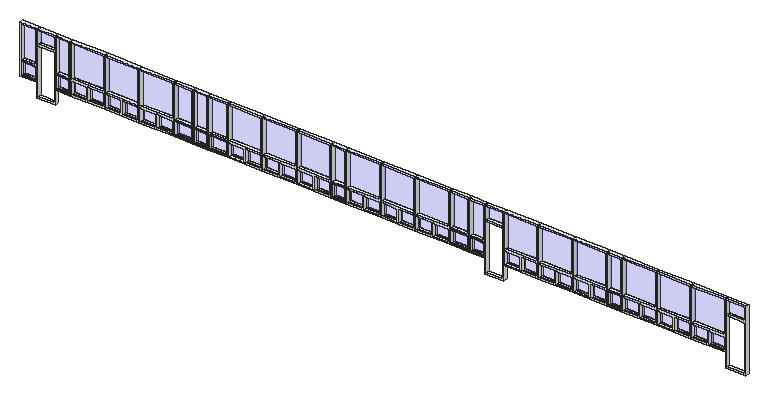
Revit family
Parameters
  창 두께 = 150 mm
  창 패널 = AW26 창 패널
  창 프레임 = AW26 창 프레임
  길이 2 = 기본 씰 높이 + Height  # 2700 mm
  길이 1 = (Width - 9050 mm) / 15  # 1500 mm
  Height = 2100 mm
  절반 창 두께 = 창 두께 / 2  # 75 mm
  기본 씰 높이 = 600 mm
  Wall Closure = (empty or 0)
  Width = 31550 mm
Reference planes
  plane 1: y = 0
  plane 2 "중심(왼쪽/오른쪽)": x = 0
  plane 3 "왼쪽": x = -15775
  plane 4 "오른쪽": x = 15775
  plane 5 "씰": z = 600
  plane 6 "헤드": z = 2700
  plane 7 "외부": y = 100
  plane 8 "내부": y = -100
  plane 9: y = -75
  plane 10: y = 75
  plane 11: y = 66
  plane 12: y = 44
  plane 13: y = 35
  plane 14: x = 10400
  plane 15: x = 9750
  plane 16: x = 8250
  plane 17: x = 6750
  plane 18: x = 5250
  plane 19: x = 4450
  plane 20: x = 3750
  plane 21: x = 2900
  plane 22: x = 1400
  plane 23: x = -100
  plane 24: x = -1600
  plane 25: x = -2250
  plane 26: x = -3750
  plane 27: x = -5250
  plane 28: x = -6750
  plane 29: x = -7600
  plane 30: x = -8250
  plane 31: x = -9100
  plane 32: x = -10600
  plane 33: x = -12100
  plane 34: x = -13600
  plane 35: x = -14250
  plane 36: z = 1200
  plane 37: z = 1245
  plane 38: z = 1190
  plane 39: z = 2655
  plane 40: x = 15730
  plane 41: x = -15730
  plane 42: x = 6750
  plane 43: x = -15050
  plane 44: x = 11900
  plane 45: z = 2100
  plane 46: z = 2055
  plane 47: x = 13400
  plane 48: x = 14950
  plane 49: x = 11150
  plane 50: x = 12650
  plane 51: x = 14175
  plane 52: z = 0
Lines and regions (mm)
  symbolic lines, style "입면도 스윙"
    curve 1: line (11900, 35, 2700) -> (10445, 35, 1922.5)
    curve 2: line (10445, 35, 1922.5) -> (11900, 35, 1190)
Text (mm)
  text "외부" at (-1963.203, 1332.353, 0), in view "참조 레벨"
  text "내부" at (-1981.466, -818.386, 0), in view "참조 레벨"
  text "외부" at (0, 923.751, 2943.296), in view "오른쪽"
  text "외부" at (0, 1040.484, 2685.409), in view "왼쪽"
Dimensions and locks
  equal spacing: plane 3 "왼쪽", plane 2 "중심(왼쪽/오른쪽)", plane 4 "오른쪽"
  "Width": plane 3 "왼쪽" to plane 4 "오른쪽"
  "Height": plane 5 "씰" to plane 6 "헤드"
  "기본 씰 높이": plane 5 "씰" to level
  locked: plane 7 "외부" to host wall at 0
  locked: plane 8 "내부" to host wall
  plane 10 to plane 11 to plane 12 to plane 13 = 9 mm locked, 22 mm locked, 9 mm locked
  locked: plane 15 to plane 14 at 650
  locked: plane 16 to plane 15 at 1500
  locked: plane 17 to plane 16 at 1500
  locked: plane 18 to plane 17 at 1500
  plane 19 to plane 18 = 800 mm
  plane 20 to plane 19 = 700 mm
  locked: plane 21 to plane 20 at 850
  locked: plane 22 to plane 21 at 1500
  locked: plane 23 to plane 22 at 1500
  locked: plane 24 to plane 23 at 1500
  locked: plane 25 to plane 24 at 650
  locked: plane 26 to plane 25 at 1500
  locked: plane 27 to plane 26 at 1500
  locked: plane 28 to plane 27 at 1500
  locked: plane 29 to plane 28 at 850
  locked: plane 30 to plane 29 at 650
  locked: plane 31 to plane 30 at 850
  locked: plane 32 to plane 31 at 1500
  locked: plane 33 to plane 32 at 1500
  locked: plane 34 to plane 33 at 1500
  locked: plane 35 to plane 34 at 650
  host wall to plane 6 "헤드" = 300 mm
  locked: plane 5 "씰" to plane 36 at 600
  plane 38 to plane 36 to plane 37 = 10 mm locked, 45 mm locked
  locked: plane 40 to plane 4 "오른쪽" at 45
  locked: plane 3 "왼쪽" to plane 41 at 45
  locked: plane 39 to plane 6 "헤드" at 45
  plane 46 to plane 45 to plane 6 "헤드" = 45 mm locked, 600 mm locked
  plane 3 "왼쪽" to plane 43 = 725 mm
  plane 43 to plane 35 = 800 mm
  plane 14 to plane 44 = 1500 mm
  plane 44 to plane 47 = 1500 mm
  plane 47 to plane 48 = 1550 mm
  plane 48 to plane 4 "오른쪽" = 825 mm
  equal spacing: plane 14, plane 49, plane 44
  equal spacing: plane 44, plane 50, plane 47
  equal spacing: plane 47, plane 51, plane 48
  "절반 창 두께": plane 10 to plane 1
  "절반 창 두께": plane 1 to plane 9
  locked: nested 3 to nested 7 at 2350
  locked: nested 22 to nested 19 at 2350
  equal spacing: nested 10, curve 2, nested 10
  aligned and locked: plane 42 to plane 17
  aligned and locked: plane 23 to nested 1
  aligned and locked: plane 5 "씰" to nested 1  (x2)
  aligned and locked: nested 2 to nested 1
  aligned and locked: plane 5 "씰" to nested 3
  aligned and locked: nested 2 to nested 3
  aligned and locked: plane 5 "씰" to nested 4
  aligned and locked: nested 4 to nested 3
  aligned and locked: nested 1 to nested 5
  aligned and locked: plane 52 to level
  aligned and locked: nested 6 to plane 52
  aligned and locked: nested 6 to nested 4
  aligned and locked: plane 5 "씰" to nested 7
  aligned and locked: plane 5 "씰" to nested 5
  aligned and locked: plane 5 "씰" to nested 8
  aligned and locked: nested 7 to nested 8
  aligned and locked: nested 9 to nested 8
  aligned and locked: plane 5 "씰" to nested 10
  aligned and locked: plane 5 "씰" to nested 11
  aligned and locked: nested 9 to nested 11
  aligned and locked: nested 10 to nested 11
  aligned and locked: plane 5 "씰" to nested 12
  aligned and locked: nested 10 to nested 12
  aligned and locked: plane 5 "씰" to nested 13
  aligned and locked: nested 12 to nested 13
  aligned and locked: nested 14 to plane 52
  aligned and locked: nested 14 to nested 13
  aligned and locked: plane 5 "씰" to nested 15
  aligned and locked: nested 15 to nested 5
  aligned and locked: plane 5 "씰" to nested 16
  aligned and locked: nested 16 to nested 15
  aligned and locked: plane 5 "씰" to nested 17
  aligned and locked: nested 16 to nested 17
  aligned and locked: plane 5 "씰" to nested 18
  aligned and locked: nested 17 to nested 18
  aligned and locked: plane 5 "씰" to nested 19
  aligned and locked: plane 5 "씰" to nested 20
  aligned and locked: nested 20 to nested 19
  aligned and locked: plane 5 "씰" to nested 21
  aligned and locked: nested 21 to nested 20
  aligned and locked: plane 5 "씰" to nested 22
  aligned and locked: nested 19 to nested 18
  aligned and locked: nested 23 to nested 22
  aligned and locked: plane 5 "씰" to nested 24
  aligned and locked: nested 23 to nested 24
  aligned and locked: plane 5 "씰" to nested 25
  aligned and locked: nested 25 to nested 24
  aligned and locked: nested 26 to plane 52
  aligned and locked: nested 26 to nested 25
  aligned and locked: plane 5 "씰" to nested 27
  aligned and locked: nested 26 to nested 27
  aligned and locked: plane 5 "씰" to nested 9
  aligned and locked: plane 5 "씰" to nested 2
  aligned and locked: plane 5 "씰" to nested 23
  aligned and locked: nested 12 to curve 1
  aligned and locked: curve 1 to nested 10
  aligned and locked: nested 12 to curve 2
  aligned and locked: plane 38 to curve 2
  aligned and locked: nested 10 to curve 1
Nested families
  nested 1: "AW9 2" at (650, 0, 0), type "1500"
  nested 2: "AW9 2" at (2150, 0, 0), type "1500"
  nested 3: "창 고정 단위" at (3325, 0, 0), type "850"
  nested 4: "창 고정 단위" at (4100, 0, 0), type "700"
  nested 5: "AW9 2" at (-850, 0, 0), type "1500"
  nested 6: "문 프레임" at (4850, 0, -600), type "800"
  nested 7: "AW9 2" at (6000, 0, 0), type "1500"
  nested 8: "AW9 2" at (7500, 0, 0), type "1500"
  nested 9: "AW9 2" at (9000, 0, 0), type "1500"
  nested 10: "AW9 2" at (11150, 0, 0), type "1500"
  nested 11: "창 고정 단위" at (10075, 0, 0), type "650"
  nested 12: "AW9 2" at (12650, 0, 0), type "1500"
  nested 13: "AW9 2" at (14150, 0, 0), type "1500"
  nested 14: "문 프레임" at (15337.5, 0, -600), type "875"
  nested 15: "창 고정 단위" at (-1925, 0, 0), type "650"
  nested 16: "AW9 2" at (-3000, 0, 0), type "1500"
  nested 17: "AW9 2" at (-4500, 0, 0), type "1500"
  nested 18: "AW9 2" at (-6000, 0, 0), type "1500"
  nested 19: "창 고정 단위" at (-7175, 0, 0), type "850"
  nested 20: "창 고정 단위" at (-7925, 0, 0), type "650"
  nested 21: "창 고정 단위" at (-8675, 0, 0), type "850"
  nested 22: "AW9 2" at (-9850, 0, 0), type "1500"
  nested 23: "AW9 2" at (-11350, 0, 0), type "1500"
  nested 24: "AW9 2" at (-12850, 0, 0), type "1500"
  nested 25: "창 고정 단위" at (-13925, 0, 0), type "650"
  nested 26: "문 프레임" at (-14650, 0, -600), type "800"
  nested 27: "창 고정 단위" at (-15412.5, 0, 0), type "725"
Definition of nested family "AW9 2"
  Parameters (values of type "AW9")
    창 두께 = 150 mm
    창 패널 = AW26 창 패널
    창 프레임 = AW26 창 프레임
    Height = 2100 mm
    절반 창 두께 = 창 두께 / 2  # 75 mm
    기본 씰 높이 = 600 mm
    Wall Closure = (empty or 0)
    Width = 1500 mm
    Assembly Code = ""
  Types (4, lengths in mm): name | Width
    AW9 | 1500
    AW9 2 | 1600
    AW9 1 | 4500
    1500 | 1500
  Reference planes
    plane 1: y = 0
    plane 2 "중심(왼쪽/오른쪽)": x = 0
    plane 3 "왼쪽": x = -750
    plane 4 "오른쪽": x = 750
    plane 5 "씰": z = 600
    plane 6 "헤드": z = 2700
    plane 7 "외부": y = 100
    plane 8 "내부": y = -100
    plane 9: y = 75
    plane 10: y = -75
    plane 11: y = 35
    plane 12: x = -705
    plane 13: x = 705
    plane 14: x = -695
    plane 15: x = 695
    plane 16: z = 1200
    plane 17: z = 1190
    plane 18: z = 1245
    plane 19: y = 55
    plane 20: y = 66
    plane 21: y = 44
    plane 22: y = -11
    plane 23: y = 11
    plane 24: x = -22.5
    plane 25: x = 22.5
    plane 26: x = -32.5
    plane 27: x = 32.5
    plane 28: z = 2655
    plane 29: z = 645
    plane 30: x = 655
    plane 31: z = 1150
    plane 32: x = -655
    plane 33: z = 685
    plane 34: x = 72.5
    plane 35: x = -72.5
    plane 36: x = 368.75
    plane 37: x = -368.75
  Forms (mm)
    Extrusion 1, solid, material "AW26 창 프레임" <- "창 프레임"
      sketch origin (-2000, 75, 1000) x (-1, 0, 0) y (0, 0, 1)
        loop
          line (-2750, 1700) -> (-2750, -400) -> (-1250, -400) -> (-1250, 1700) -> (-2750, 1700)
        loop
          line (-2705, 1655) -> (-2705, 245) -> (-1295, 245) -> (-1295, 1655) -> (-2705, 1655)
        loop
          line (-2705, -355) -> (-2032.5, -355) -> (-2032.5, 190) -> (-2705, 190) -> (-2705, -355)
        loop
          line (-1295, -355) -> (-1295, 190) -> (-1967.5, 190) -> (-1967.5, -355) -> (-1295, -355)
      from -150 to 0
    Extrusion 2, solid, material "AW26 창 프레임" <- "창 프레임"
      sketch origin (-2000, 75, 1000) x (-1, 0, 0) y (0, 0, 1)
        loop
          line (-2705, 190) -> (-2705, -355) -> (-2032.5, -355) -> (-2032.5, 190) -> (-2705, 190)
        loop
          line (-1967.5, 190) -> (-1967.5, -355) -> (-1295, -355) -> (-1295, 190) -> (-1967.5, 190)
        loop
          line (-2655, 150) -> (-2655, -315) -> (-2072.5, -315) -> (-2072.5, 150) -> (-2655, 150)
        loop
          line (-1927.5, 150) -> (-1927.5, -315) -> (-1345, -315) -> (-1345, 150) -> (-1927.5, 150)
      from -40 to 0
    Extrusion 3, solid, material "AW26 창 패널" <- "창 패널"
      sketch origin (-2000, 75, 1000) x (-1, 0, 0) y (0, 0, 1)
        loop
          line (-2705, 1655) -> (-2705, 245) -> (-1295, 245) -> (-1295, 1655) -> (-2705, 1655)
        loop
          line (-2655, 150) -> (-2655, -315) -> (-2072.5, -315) -> (-2072.5, 150) -> (-2655, 150)
        loop
          line (-1927.5, 150) -> (-1927.5, -315) -> (-1345, -315) -> (-1345, 150) -> (-1927.5, 150)
      from -31 to -9
  Lines and regions (mm)
    Opening 1
      outline origin (3500, -100, 0) x (1, 0, 0) y (0, 0, 1)
        loop
          line (-2750, 600) -> (-2750, 2700) -> (-4250, 2700) -> (-4250, 600) -> (-2750, 600)
    symbolic lines, style "입면도 스윙"
      curve 1: line (368.75, 75, 1190) -> (705, 75, 645)
      curve 2: line (368.75, 75, 1190) -> (32.5, 75, 645)
      curve 3: line (-32.5, 75, 645) -> (-368.75, 75, 1190)
      curve 4: line (-368.75, 75, 1190) -> (-705, 75, 645)
    symbolic lines
      curve 5: line (-750, 75, 0) -> (750, 75, 0)
      curve 6: line (-705, 0, 0) -> (705, 0, 0)
      curve 7: line (-750, -75, 0) -> (750, -75, 0)
      curve 8: line (-705, 75, 0) -> (-705, -75, 0)
      curve 9: line (705, 75, 0) -> (705, -75, 0)
  Text (mm)
    text "외부" at (-1963.203, 1332.353, 0), in view "참조 레벨"
    text "내부" at (-1981.466, -818.386, 0), in view "참조 레벨"
    text "외부" at (0, 923.751, 2943.296), in view "오른쪽"
    text "외부" at (0, 1040.484, 2685.409), in view "왼쪽"
  Dimensions and locks
    equal spacing: plane 3 "왼쪽", plane 2 "중심(왼쪽/오른쪽)", plane 4 "오른쪽"
    "Width": plane 3 "왼쪽" to plane 4 "오른쪽"
    "Height": plane 5 "씰" to plane 6 "헤드"
    locked: plane 7 "외부" to host wall at 0
    locked: plane 8 "내부" to host wall
    plane 17 to plane 16 to plane 18 = 10 mm locked, 45 mm locked
    plane 9 to plane 19 to plane 11 = 20 mm locked, 20 mm locked
    plane 20 to plane 19 to plane 21 = 11 mm locked, 11 mm locked
    plane 23 to host wall to plane 22 = 11 mm locked, 11 mm locked
    plane 3 "왼쪽" to plane 12 to plane 14 = 45 mm locked, 10 mm locked
    plane 15 to plane 13 to plane 4 "오른쪽" = 10 mm locked, 45 mm locked
    plane 24 to plane 2 "중심(왼쪽/오른쪽)" to plane 25 = 22.5 mm locked, 22.5 mm locked
    locked: plane 26 to plane 24 at 10
    locked: plane 25 to plane 27 at 10
    locked: plane 5 "씰" to plane 16 at 600
    "절반 창 두께": plane 9 to plane 1
    "절반 창 두께": plane 10 to plane 1
    "기본 씰 높이": level to plane 5 "씰"
    locked: plane 28 to plane 6 "헤드" at 45
    locked: plane 5 "씰" to plane 29 at 45
    locked: plane 30 to plane 15 at 40
    locked: plane 31 to plane 17 at 40
    locked: plane 14 to plane 32 at 40
    locked: plane 29 to plane 33 at 40
    locked: plane 34 to plane 27 at 40
    locked: plane 26 to plane 35 at 40
    equal spacing: plane 27, plane 36, plane 13
    equal spacing: plane 26, plane 37, plane 12
    aligned and locked: plane 6 "헤드" to Extrusion 1 sketch curve
    aligned and locked: plane 4 "오른쪽" to Extrusion 1 sketch curve
    aligned and locked: Extrusion 1 sketch curve to plane 5 "씰"
    aligned and locked: Extrusion 1 sketch curve to plane 3 "왼쪽"
    aligned and locked: Extrusion 1 sketch curve to plane 28
    aligned and locked: plane 13 to Extrusion 1 sketch curve  (x2)
    aligned and locked: plane 29 to Extrusion 1 sketch curve  (x2)
    aligned and locked: Extrusion 1 sketch curve to plane 12
    aligned and locked: plane 18 to Extrusion 1 sketch curve
    aligned and locked: plane 12 to Extrusion 1 sketch curve
    aligned and locked: plane 17 to Extrusion 1 sketch curve  (x2)
    aligned and locked: plane 27 to Extrusion 1 sketch curve
    aligned and locked: plane 26 to Extrusion 1 sketch curve
    aligned and locked: Extrusion 1 to plane 10
    aligned and locked: plane 9 to Extrusion 1
    aligned and locked: plane 17 to Extrusion 2 sketch curve  (x2)
    aligned and locked: plane 13 to Extrusion 2 sketch curve
    aligned and locked: plane 29 to Extrusion 2 sketch curve  (x2)
    aligned and locked: plane 27 to Extrusion 2 sketch curve
    aligned and locked: Extrusion 2 sketch curve to plane 31  (x2)
    aligned and locked: Extrusion 2 sketch curve to plane 30
    aligned and locked: plane 33 to Extrusion 2 sketch curve  (x2)
    aligned and locked: Extrusion 2 sketch curve to plane 34
    aligned and locked: Extrusion 2 sketch curve to plane 26
    aligned and locked: Extrusion 2 sketch curve to plane 12
    aligned and locked: Extrusion 2 sketch curve to plane 35
    aligned and locked: Extrusion 2 sketch curve to plane 32
    aligned and locked: Extrusion 2 to plane 9
    aligned and locked: Extrusion 2 to plane 11
    aligned and locked: Extrusion 3 sketch curve to plane 28
    aligned and locked: plane 13 to Extrusion 3 sketch curve
    aligned and locked: Extrusion 3 sketch curve to plane 18
    aligned and locked: Extrusion 3 sketch curve to plane 12
    aligned and locked: Extrusion 3 sketch curve to plane 31  (x2)
    aligned and locked: Extrusion 3 sketch curve to plane 30
    aligned and locked: plane 33 to Extrusion 3 sketch curve  (x2)
    aligned and locked: Extrusion 3 sketch curve to plane 34
    aligned and locked: Extrusion 3 sketch curve to plane 35
    aligned and locked: Extrusion 3 sketch curve to plane 32
    aligned and locked: Extrusion 3 to plane 21
    aligned and locked: plane 20 to Extrusion 3
    aligned and locked: plane 36 to curve 1
    aligned and locked: plane 29 to curve 1
    aligned and locked: plane 13 to curve 1
    aligned and locked: plane 17 to curve 2
    aligned and locked: plane 27 to curve 2
    aligned and locked: plane 29 to curve 2
    aligned and locked: plane 17 to curve 3
    aligned and locked: plane 37 to curve 3
    aligned and locked: plane 29 to curve 3
    aligned and locked: plane 26 to curve 3
    aligned and locked: plane 29 to curve 4
    aligned and locked: plane 12 to curve 4
    aligned and locked: plane 3 "왼쪽" to curve 5
    aligned and locked: plane 3 "왼쪽" to curve 7
    aligned and locked: plane 12 to curve 6
    aligned and locked: plane 4 "오른쪽" to curve 5
    aligned and locked: plane 4 "오른쪽" to curve 7
    aligned and locked: plane 13 to curve 6
    aligned and locked: plane 13 to curve 9
    aligned and locked: plane 9 to curve 8
    aligned and locked: plane 10 to curve 8
    aligned and locked: plane 12 to curve 8
    aligned and locked: curve 5 to plane 9
    aligned and locked: curve 7 to plane 10
    aligned and locked: host wall to curve 6
  Automatic sketch dimensions
    Opening 1 sketch curve to plane 3 "왼쪽" = 0 mm
    Opening 1 sketch curve to plane 4 "오른쪽" = 0 mm
    Opening 1 sketch curve to plane 5 "씰" = 0 mm
    Opening 1 sketch curve to plane 6 "헤드" = 0 mm
    Extrusion 1 sketch curve to plane 17 = 0 mm
    Extrusion 1 sketch curve to plane 29 = 0 mm
Definition of nested family "창 고정 단위"
  Parameters (values of type "AW9_1_1")
    창 두께 = 150 mm
    창 패널 = AW26 창 패널
    창 프레임 = AW26 창 프레임
    Height = 2100 mm
    절반 창 두께 = 창 두께 / 2  # 75 mm
    기본 씰 높이 = 600 mm
    Wall Closure = (empty or 0)
    Width = 650 mm
    Assembly Code = ""
  Types (8, lengths in mm): name | Width
    AW9_1_1 | 650
    AW9_3 | 800
    AW9_2 | 850
    AW9_1 | 650
    725 | 725
    650 | 650
    700 | 700
    850 | 850
  Reference planes
    plane 1: y = 0
    plane 2 "중심(왼쪽/오른쪽)": x = 0
    plane 3 "왼쪽": x = -325
    plane 4 "오른쪽": x = 325
    plane 5 "씰": z = 600
    plane 6 "헤드": z = 2700
    plane 7 "외부": y = 100
    plane 8 "내부": y = -100
    plane 9: y = 75
    plane 10: y = -75
    plane 11: y = 35
    plane 12: x = -280
    plane 13: x = 280
    plane 14: x = -270
    plane 15: x = 270
    plane 16: z = 1200
    plane 17: z = 1190
    plane 18: z = 1245
    plane 19: y = 55
    plane 20: y = 66
    plane 21: y = 44
    plane 22: y = -11
    plane 23: y = 11
    plane 24: x = -22.5
    plane 25: x = 22.5
    plane 26: x = -32.5
    plane 27: x = 32.5
    plane 28: z = 2655
    plane 29: z = 645
    plane 30: x = 230
    plane 31: z = 1150
    plane 32: x = -230
    plane 33: z = 685
    plane 34: x = 72.5
    plane 35: x = -72.5
    plane 36: x = 156.25
    plane 37: x = -156.25
    plane 38: z = 655
  Forms (mm)
    Extrusion 1, solid, material "AW26 창 프레임" <- "창 프레임"
      sketch origin (-2000, 75, 1000) x (-1, 0, 0) y (0, 0, 1)
        loop
          line (-2325, 1700) -> (-2325, -400) -> (-1675, -400) -> (-1675, 1700) -> (-2325, 1700)
        loop
          line (-2280, 1655) -> (-2280, 245) -> (-1720, 245) -> (-1720, 1655) -> (-2280, 1655)
        loop
          line (-2280, -355) -> (-1720, -355) -> (-1720, 200) -> (-2280, 200) -> (-2280, -355)
      from -150 to 0
    Extrusion 2, solid, material "AW26 창 패널" <- "창 패널"
      sketch origin (-2000, 75, 1000) x (-1, 0, 0) y (0, 0, 1)
        loop
          line (-2280, 1655) -> (-2280, 245) -> (-1720, 245) -> (-1720, 1655) -> (-2280, 1655)
        loop
          line (-2280, 200) -> (-2280, -355) -> (-1720, -355) -> (-1720, 200) -> (-2280, 200)
      from -31 to -9
    Extrusion 3, solid, material "AW26 창 프레임" <- "창 프레임"
      sketch origin (-2000, 75, 1000) x (-1, 0, 0) y (0, 0, 1)
        loop
          line (-2230, 150) -> (-2230, -315) -> (-1770, -315) -> (-1770, 150) -> (-2230, 150)
        loop
          line (-2280, 200) -> (-2280, -355) -> (-1720, -355) -> (-1720, 200) -> (-2280, 200)
      from -64 to 0
    Extrusion 4, solid, material "AW26 창 프레임" <- "창 프레임"
      sketch origin (-2000, 75, 1000) x (-1, 0, 0) y (0, 0, 1)
        loop
          line (-2280, 200) -> (-2280, -355) -> (-1720, -355) -> (-1720, 200) -> (-2280, 200)
        loop
          line (-2270, 190) -> (-2270, -345) -> (-1730, -345) -> (-1730, 190) -> (-2270, 190)
      from -64 to -150
  Lines and regions (mm)
    Opening 1
      outline origin (3500, -100, 0) x (1, 0, 0) y (0, 0, 1)
        loop
          line (-3175, 600) -> (-3175, 2700) -> (-3825, 2700) -> (-3825, 600) -> (-3175, 600)
    symbolic lines, style "입면도 스윙"
      curve 1: line (0, 75, 1200) -> (280, 75, 645)
      curve 2: line (0, 75, 1200) -> (-280, 75, 645)
    symbolic lines
      curve 3: line (-325, 75, 0) -> (325, 75, 0)
      curve 4: line (-280, 0, 0) -> (280, 0, 0)
      curve 5: line (-325, -75, 0) -> (325, -75, 0)
      curve 6: line (-280, 75, 0) -> (-280, -75, 0)
      curve 7: line (280, 75, 0) -> (280, -75, 0)
  Text (mm)
    text "외부" at (-1963.203, 1332.353, 0), in view "참조 레벨"
    text "내부" at (-1981.466, -818.386, 0), in view "참조 레벨"
    text "외부" at (0, 923.751, 2943.296), in view "오른쪽"
    text "외부" at (0, 1040.484, 2685.409), in view "왼쪽"
  Dimensions and locks
    equal spacing: plane 3 "왼쪽", plane 2 "중심(왼쪽/오른쪽)", plane 4 "오른쪽"
    "Width": plane 3 "왼쪽" to plane 4 "오른쪽"
    "Height": plane 5 "씰" to plane 6 "헤드"
    locked: plane 7 "외부" to host wall at 0
    locked: plane 8 "내부" to host wall
    plane 17 to plane 16 to plane 18 = 10 mm locked, 45 mm locked
    plane 9 to plane 19 to plane 11 = 20 mm locked, 20 mm locked
    plane 20 to plane 19 to plane 21 = 11 mm locked, 11 mm locked
    plane 23 to host wall to plane 22 = 11 mm locked, 11 mm locked
    plane 3 "왼쪽" to plane 12 to plane 14 = 45 mm locked, 10 mm locked
    plane 15 to plane 13 to plane 4 "오른쪽" = 10 mm locked, 45 mm locked
    plane 24 to plane 2 "중심(왼쪽/오른쪽)" to plane 25 = 22.5 mm locked, 22.5 mm locked
    locked: plane 26 to plane 24 at 10
    locked: plane 25 to plane 27 at 10
    locked: plane 5 "씰" to plane 16 at 600
    "절반 창 두께": plane 9 to plane 1
    "절반 창 두께": plane 10 to plane 1
    "기본 씰 높이": level to plane 5 "씰"
    locked: plane 28 to plane 6 "헤드" at 45
    locked: plane 5 "씰" to plane 29 at 45
    locked: plane 30 to plane 15 at 40
    locked: plane 31 to plane 17 at 40
    locked: plane 14 to plane 32 at 40
    locked: plane 29 to plane 33 at 40
    locked: plane 34 to plane 27 at 40
    locked: plane 26 to plane 35 at 40
    equal spacing: plane 27, plane 36, plane 13
    equal spacing: plane 26, plane 37, plane 12
    locked: plane 29 to plane 38 at 10
    aligned and locked: plane 6 "헤드" to Extrusion 1 sketch curve
    aligned and locked: plane 4 "오른쪽" to Extrusion 1 sketch curve
    aligned and locked: Extrusion 1 sketch curve to plane 5 "씰"
    aligned and locked: Extrusion 1 sketch curve to plane 3 "왼쪽"
    aligned and locked: Extrusion 1 sketch curve to plane 28
    aligned and locked: Extrusion 1 sketch curve to plane 12
    aligned and locked: plane 13 to Extrusion 1 sketch curve  (x3)
    aligned and locked: plane 18 to Extrusion 1 sketch curve
    aligned and locked: Extrusion 1 to plane 10
    aligned and locked: plane 9 to Extrusion 1
    aligned and locked: plane 12 to Extrusion 1 sketch curve  (x2)
    aligned and locked: Extrusion 1 sketch curve to plane 29
    aligned and locked: plane 13 to Extrusion 2 sketch curve  (x2)
    aligned and locked: Extrusion 2 sketch curve to plane 28
    aligned and locked: Extrusion 2 sketch curve to plane 12  (x2)
    aligned and locked: Extrusion 2 sketch curve to plane 18
    aligned and locked: plane 29 to Extrusion 2 sketch curve
    aligned and locked: Extrusion 2 to plane 21
    aligned and locked: plane 20 to Extrusion 2
    aligned and locked: plane 33 to Extrusion 3 sketch curve
    aligned and locked: Extrusion 3 sketch curve to plane 32
    aligned and locked: Extrusion 3 sketch curve to plane 31
    aligned and locked: Extrusion 3 sketch curve to plane 30
    aligned and locked: plane 16 to Extrusion 3 sketch curve
    aligned and locked: plane 13 to Extrusion 3 sketch curve
    aligned and locked: plane 29 to Extrusion 3 sketch curve
    aligned and locked: Extrusion 3 sketch curve to plane 12
    aligned and locked: plane 16 to Extrusion 1 sketch curve
    aligned and locked: plane 16 to Extrusion 2 sketch curve
    aligned and locked: Extrusion 3 to plane 23
    aligned and locked: plane 9 to Extrusion 3
    aligned and locked: plane 16 to Extrusion 4 sketch curve
    aligned and locked: plane 13 to Extrusion 4 sketch curve
    aligned and locked: plane 29 to Extrusion 4 sketch curve
    aligned and locked: Extrusion 4 sketch curve to plane 12
    aligned and locked: Extrusion 4 sketch curve to plane 14
    aligned and locked: plane 17 to Extrusion 4 sketch curve
    aligned and locked: plane 15 to Extrusion 4 sketch curve
    aligned and locked: plane 38 to Extrusion 4 sketch curve
    aligned and locked: Extrusion 4 to plane 23
    aligned and locked: Extrusion 4 to plane 10
    aligned and locked: plane 2 "중심(왼쪽/오른쪽)" to curve 1
    aligned and locked: plane 29 to curve 1
    aligned and locked: plane 13 to curve 1
    aligned and locked: plane 16 to curve 2
    aligned and locked: plane 29 to curve 2
    aligned and locked: plane 12 to curve 2
    aligned and locked: plane 9 to curve 6
    aligned and locked: plane 10 to curve 6
    aligned and locked: plane 12 to curve 6
    aligned and locked: plane 13 to curve 7
    aligned and locked: plane 4 "오른쪽" to curve 3
    aligned and locked: plane 3 "왼쪽" to curve 3
    aligned and locked: plane 3 "왼쪽" to curve 5
    aligned and locked: plane 12 to curve 4
    aligned and locked: plane 4 "오른쪽" to curve 5
    aligned and locked: plane 13 to curve 4
    aligned and locked: curve 3 to plane 9
    aligned and locked: curve 5 to plane 10
    aligned and locked: host wall to curve 4
  Automatic sketch dimensions
    Opening 1 sketch curve to plane 3 "왼쪽" = 0 mm
    Opening 1 sketch curve to plane 4 "오른쪽" = 0 mm
    Opening 1 sketch curve to plane 5 "씰" = 0 mm
    Opening 1 sketch curve to plane 6 "헤드" = 0 mm
Definition of nested family "문 프레임"
  Parameters (values of type "AW9-1")
    창 두께 = 150 mm
    창 패널 = AW26 창 패널
    창 프레임 = AW26 창 프레임
    Height = 2700 mm
    절반 창 두께 = 창 두께 / 2  # 75 mm
    기본 씰 높이 = 0 mm
    Wall Closure = (empty or 0)
    Width = 875 mm
    Assembly Code = ""
  Types (3, lengths in mm): name | 기본 씰 높이 | Width
    AW9-1 | 0 | 875
    875 | 600 | 875
    800 | 600 | 800
  Reference planes
    plane 1: y = 0
    plane 2 "중심(왼쪽/오른쪽)": x = 0
    plane 3 "왼쪽": x = -437.5
    plane 4 "오른쪽": x = 437.5
    plane 5 "씰": z = 0
    plane 6 "헤드": z = 2700
    plane 7 "외부": y = 100
    plane 8 "내부": y = -100
    plane 9: y = 75
    plane 10: y = -75
    plane 11: y = 35
    plane 12: x = -392.5
    plane 13: x = 392.5
    plane 14: x = -382.5
    plane 15: x = 382.5
    plane 16: z = 2055
    plane 17: z = 2045
    plane 18: z = 2100
    plane 19: y = 55
    plane 20: y = 66
    plane 21: y = 44
    plane 22: y = -11
    plane 23: y = 11
    plane 24: x = -22.5
    plane 25: x = 22.5
    plane 26: x = -32.5
    plane 27: x = 32.5
    plane 28: z = 2655
    plane 29: z = 45
    plane 30: x = 342.5
    plane 31: z = 2005
    plane 32: x = -342.5
    plane 33: z = 85
    plane 34: x = 72.5
    plane 35: x = -72.5
  Forms (mm)
    Extrusion 1, solid, material "AW26 창 프레임" <- "창 프레임"
      sketch origin (-2000, 75, 1000) x (-1, 0, 0) y (0, 0, 1)
        loop
          line (-2437.5, 1700) -> (-2437.5, -1000) -> (-1562.5, -1000) -> (-1562.5, 1700) -> (-2437.5, 1700)
        loop
          line (-2392.5, 1655) -> (-2392.5, 1100) -> (-1607.5, 1100) -> (-1607.5, 1655) -> (-2392.5, 1655)
        loop
          line (-2392.5, -955) -> (-1607.5, -955) -> (-1607.5, 1055) -> (-2392.5, 1055) -> (-2392.5, -955)
      from -150 to 0
    Extrusion 2, solid, material "AW26 창 패널" <- "창 패널"
      sketch origin (-2000, 75, 1000) x (-1, 0, 0) y (0, 0, 1)
        loop
          line (-2392.5, 1655) -> (-2392.5, 1100) -> (-1607.5, 1100) -> (-1607.5, 1655) -> (-2392.5, 1655)
      from -40 to -9
  Lines and regions (mm)
    Opening 1
      outline origin (3500, -100, 0) x (1, 0, 0) y (0, 0, 1)
        loop
          line (-3062.5, 0) -> (-3062.5, 2700) -> (-3937.5, 2700) -> (-3937.5, 0) -> (-3062.5, 0)
    symbolic lines
      curve 1: line (-437.5, 75, 0) -> (437.5, 75, 0)
      curve 2: line (-437.5, -75, 0) -> (437.5, -75, 0)
      curve 3: line (-437.5, 75, 0) -> (-437.5, -75, 0)
      curve 4: line (437.5, 75, 0) -> (437.5, -75, 0)
  Text (mm)
    text "외부" at (-1963.203, 1332.353, 0), in view "참조 레벨"
    text "내부" at (-1981.466, -818.386, 0), in view "참조 레벨"
    text "외부" at (0, 923.751, 2943.296), in view "오른쪽"
    text "외부" at (0, 1040.484, 2685.409), in view "왼쪽"
  Dimensions and locks
    equal spacing: plane 3 "왼쪽", plane 2 "중심(왼쪽/오른쪽)", plane 4 "오른쪽"
    "Width": plane 3 "왼쪽" to plane 4 "오른쪽"
    "Height": plane 5 "씰" to plane 6 "헤드"
    locked: plane 7 "외부" to host wall at 0
    locked: plane 8 "내부" to host wall
    plane 17 to plane 16 to plane 18 = 10 mm locked, 45 mm locked
    plane 9 to plane 19 to plane 11 = 20 mm locked, 20 mm locked
    plane 20 to plane 19 to plane 21 = 11 mm locked, 11 mm locked
    plane 23 to host wall to plane 22 = 11 mm locked, 11 mm locked
    plane 3 "왼쪽" to plane 12 to plane 14 = 45 mm locked, 10 mm locked
    plane 15 to plane 13 to plane 4 "오른쪽" = 10 mm locked, 45 mm locked
    plane 24 to plane 2 "중심(왼쪽/오른쪽)" to plane 25 = 22.5 mm locked, 22.5 mm locked
    locked: plane 26 to plane 24 at 10
    locked: plane 25 to plane 27 at 10
    "절반 창 두께": plane 9 to plane 1
    "절반 창 두께": plane 10 to plane 1
    "기본 씰 높이": level to plane 5 "씰"
    locked: plane 28 to plane 6 "헤드" at 45
    locked: plane 5 "씰" to plane 29 at 45
    locked: plane 30 to plane 15 at 40
    locked: plane 31 to plane 17 at 40
    locked: plane 14 to plane 32 at 40
    locked: plane 29 to plane 33 at 40
    locked: plane 34 to plane 27 at 40
    locked: plane 26 to plane 35 at 40
    plane 18 to plane 6 "헤드" = 600 mm
    aligned and locked: plane 6 "헤드" to Extrusion 1 sketch curve
    aligned and locked: plane 4 "오른쪽" to Extrusion 1 sketch curve
    aligned and locked: Extrusion 1 sketch curve to plane 5 "씰"
    aligned and locked: Extrusion 1 sketch curve to plane 3 "왼쪽"
    aligned and locked: Extrusion 1 sketch curve to plane 28
    aligned and locked: plane 13 to Extrusion 1 sketch curve  (x3)
    aligned and locked: Extrusion 1 sketch curve to plane 12
    aligned and locked: plane 18 to Extrusion 1 sketch curve
    aligned and locked: Extrusion 1 to plane 10
    aligned and locked: plane 9 to Extrusion 1
    aligned and locked: plane 12 to Extrusion 1 sketch curve  (x2)
    aligned and locked: Extrusion 1 sketch curve to plane 29
    aligned and locked: plane 16 to Extrusion 1 sketch curve
    aligned and locked: Extrusion 2 sketch curve to plane 28
    aligned and locked: plane 13 to Extrusion 2 sketch curve
    aligned and locked: Extrusion 2 sketch curve to plane 18
    aligned and locked: Extrusion 2 sketch curve to plane 12
    aligned and locked: Extrusion 2 to plane 11
    aligned and locked: plane 20 to Extrusion 2
    aligned and locked: plane 9 to curve 3
    aligned and locked: plane 3 "왼쪽" to curve 3
    aligned and locked: plane 9 to curve 4
    aligned and locked: plane 10 to curve 4
    aligned and locked: plane 4 "오른쪽" to curve 4
    aligned and locked: plane 4 "오른쪽" to curve 2
    aligned and locked: plane 3 "왼쪽" to curve 2
    aligned and locked: curve 2 to plane 10
  Automatic sketch dimensions
    Opening 1 sketch curve to plane 3 "왼쪽" = 0 mm
    Opening 1 sketch curve to plane 4 "오른쪽" = 0 mm
    Opening 1 sketch curve to plane 5 "씰" = 0 mm
    Opening 1 sketch curve to plane 6 "헤드" = 0 mm
